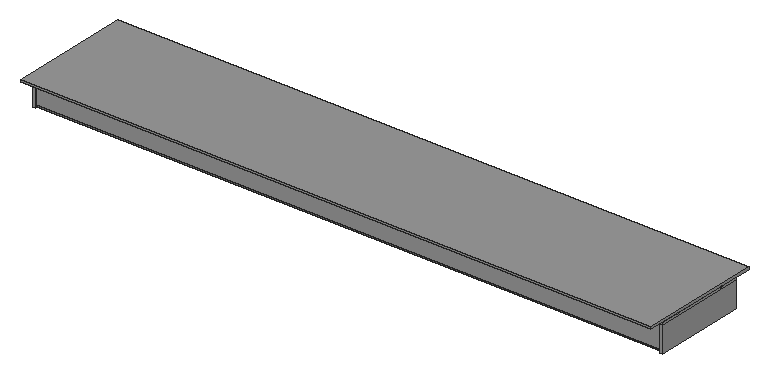
Revit family "Berica 2.2 M", category Lighting Fixtures, Revit 2020 (continued)
Definition of nested family "Light Source Berica 2.2"
  Types (4, lengths in mm): name | Photometric Web File | built-in parameter 1150142
      00.06 \r\n899.52 900.00 900.11 900.53 901.54 902.62 903.97 905.58 \r\n906.87 908.10 909.28 908.79 905.74 900.23 889.93 874.04 \r\n847.67 810.54 745.37 667.01 559.75 432.51 318.59 195.14 \r\n128.72 88.68 72.53 63.17 56.19 49.81 44.98 40.52 37.02 \r\n33.59 30.80 28.17 25.56 23.05 20.24 17.64 14.84 12.20 \r\n9.21 6.01 3.26 1.02 0.17 0.14 0.13 0.12 0.12 0.11 0.11 \r\n0.11 0.10 0.10 0.10 0.09 0.09 0.09 0.09 0.09 0.08 0.08 \r\n0.08 0.08 0.08 0.08 0.07 0.07 0.07 0.07 0.07 0.07 0.07 \r\n0.07 0.07 0.07 0.07 0.07 0.07 0.08 0.08 0.08 0.08 0.08 \r\n0.08 0.09 0.09 0.09 0.09 0.09 0.10 0.10 0.10 0.11 0.11 \r\n0.11 0.12 0.12 0.13 0.14 0.17 1.02 3.26 6.01 9.21 12.20 \r\n14.84 17.64 20.24 23.05 25.56 28.17 30.80 33.59 37.02 \r\n40.52 44.98 49.81 56.19 63.17 72.53 88.68 128.72 195.14 \r\n318.59 432.51 559.75 667.01 745.37 810.54 847.67 874.04 \r\n889.93 900.23 905.74 908.79 909.28 908.10 906.87 905.58 \r\n903.97 902.62 901.54 900.53 900.11 900.00 899.52 900.06 \r\n900.24 900.72 901.87 903.23 905.51 908.38 912.39 918.44 \r\n923.05 926.12 927.93 930.18 931.29 932.74 933.48 \r\n933.48 933.08 931.47 929.77 928.36 925.71 922.03 917.02 \r\n911.70 908.23 906.51 904.78 903.82 903.56 903.13 903.48 \r\n904.10 904.92 906.03 907.60 909.69 911.82 913.99 916.28 \r\n918.34 919.40 919.11 917.13 910.57 899.43 880.70 849.77 \r\n800.91 726.76 635.48 508.04 375.18 240.83 151.38 99.97 \r\n78.47 66.89 59.45 52.92 47.06 42.35 38.46 35.26 32.28 \r\n29.62 26.95 24.31 21.64 19.25 16.46 13.81 10.99 8.26 4.68 \r\n2.80 0.49 0.14 0.12 0.11 0.11 0.10 0.10 0.10 0.09 0.09 \r\n0.09 0.09 0.09 0.09 0.08 0.08 0.08 0.08 0.08 0.08 0.08 \r\n0.08 0.08 0.08 0.08 0.08 0.08 0.08 0.08 0.08 0.08 0.08 \r\n0.08 0.08 0.08 0.08 0.08 0.08 0.08 0.08 0.08 0.08 0.08 \r\n0.08 0.08 0.08 0.08 0.09 0.09 0.09 0.09 0.09 0.09 0.10 \r\n0.10 0.10 0.11 0.11 0.12 0.14 0.49 2.80 4.68 8.26 10.99 \r\n13.81 16.46 19.25 21.64 24.31 26.95 29.62 32.28 35.26 \r\n38.46 42.35 47.06 52.92 59.45 66.89 78.47 99.97 151.38 \r\n240.83 375.18 508.04 635.48 726.76 800.91 849.77 880.70 \r\n899.43 910.57 917.13 919.11 919.40 918.34 916.28 913.99 \r\n911.82 909.69 907.60 906.03 904.92 904.10 903.48 903.13 \r\n903.56 903.82 904.78 906.51 908.23 911.70 917.02 922.03 \r\n925.71 928.36 929.77 931.47 933.08 933.48 \r\n933.48 932.92 931.35 930.24 928.32 925.18 921.17 915.27 \r\n910.26 908.41 906.79 905.85 905.32 905.35 905.63 906.84 \r\n908.13 909.33 911.41 913.93 916.30 919.15 922.23 924.98 \r\n927.51 927.74 925.58 920.70 909.38 889.73 855.07 804.39 \r\n726.54 613.31 486.74 338.87 220.65 133.46 90.88 74.36 \r\n65.09 57.78 51.36 45.76 41.37 37.56 34.17 31.53 28.86 \r\n26.26 23.76 21.14 18.66 15.98 13.14 10.60 7.60 4.43 2.57 \r\n0.29 0.13 0.10 0.10 0.09 0.09 0.09 0.09 0.09 0.09 0.08 \r\n0.08 0.08 0.08 0.08 0.08 0.08 0.08 0.09 0.09 0.09 0.09 \r\n0.09 0.09 0.09 0.09 0.09 0.09 0.09 0.10 0.10 0.10 0.10 \r\n0.10 0.09 0.09 0.09 0.09 0.09 0.09 0.09 0.09 0.09 0.09 \r\n0.09 0.08 0.08 0.08 0.08 0.08 0.08 0.08 0.08 0.09 0.09 \r\n0.09 0.09 0.09 0.09 0.10 0.10 0.13 0.29 2.57 4.43 7.60 \r\n10.60 13.14 15.98 18.66 21.14 23.76 26.26 28.86 31.53 \r\n34.17 37.56 41.37 45.76 51.36 57.78 65.09 74.36 90.88 \r\n133.46 220.65 338.87 486.74 613.31 726.54 804.39 855.07 \r\n889.73 909.38 920.70 925.58 927.74 927.51 924.98 922.23 \r\n919.15 916.30 913.93 911.41 909.33 908.13 906.84 905.63 \r\n905.35 905.32 905.85 906.79 908.41 910.26 915.27 921.17 \r\n925.18 928.32 930.24 931.35 932.92 933.48 \r\n933.48 932.69 931.28 929.64 927.94 924.52 920.25 914.64 \r\n910.10 908.72 907.57 906.63 906.69 906.80 907.28 909.05 \r\n910.88 912.87 915.63 919.01 922.05 925.64 928.77 931.96 \r\n933.56 932.79 928.83 918.70 899.69 868.48 819.91 739.35 \r\n630.68 503.64 348.21 221.21 132.09 92.72 72.89 64.78 \r\n57.55 51.11 45.66 41.05 37.25 34.14 31.41 28.69 26.33 \r\n23.74 21.22 18.66 16.20 13.23 10.61 7.78 4.63 2.77 0.54 \r\n0.12 0.10 0.09 0.08 0.08 0.08 0.08 0.08 0.08 0.08 0.08 \r\n0.08 0.09 0.09 0.09 0.09 0.10 0.10 0.11 0.11 0.11 0.12 \r\n0.12 0.13 0.13 0.14 0.14 0.15 0.15 0.15 0.15 0.15 0.15 \r\n0.15 0.15 0.15 0.14 0.14 0.13 0.13 0.12 0.12 0.11 0.11 \r\n0.11 0.10 0.10 0.09 0.09 0.09 0.09 0.08 0.08 0.08 0.08 \r\n0.08 0.08 0.08 0.08 0.08 0.09 0.10 0.12 0.54 2.77 4.63 \r\n7.78 10.61 13.23 16.20 18.66 21.22 23.74 26.33 28.69 \r\n31.41 34.14 37.25 41.05 45.66 51.11 57.55 64.78 72.89 \r\n92.72 132.09 221.21 348.21 503.64 630.68 739.35 819.91 \r\n868.48 899.69 918.70 928.83 932.79 933.56 931.96 928.77 \r\n925.64 922.05 919.01 915.63 912.87 910.88 909.05 907.28 \r\n906.80 906.69 906.63 907.57 908.72 910.10 914.64 920.25 \r\n924.52 927.94 929.64 931.28 932.69 933.48 \r\n933.48 932.80 931.18 930.07 927.72 925.06 919.62 914.16 \r\n910.35 909.26 908.16 907.56 907.30 907.83 909.25 911.05 \r\n913.35 916.22 919.37 923.41 926.88 931.33 934.66 937.39 \r\n937.94 935.65 928.98 912.80 887.56 845.39 774.49 677.51 \r\n542.60 401.85 253.06 155.47 98.08 77.14 66.42 59.26 52.43 \r\n46.42 42.15 37.71 34.72 31.68 29.18 26.64 24.38 21.66 \r\n19.30 16.63 14.03 11.29 8.51 5.23 3.29 1.26 0.12 0.10 \r\n0.08 0.08 0.08 0.08 0.08 0.08 0.08 0.08 0.08 0.09 0.09 \r\n0.10 0.10 0.11 0.12 0.13 0.14 0.15 0.17 0.18 0.19 0.21 \r\n0.22 0.23 0.24 0.26 0.26 0.27 0.28 0.28 0.28 0.28 0.28 \r\n0.27 0.26 0.26 0.24 0.23 0.22 0.21 0.19 0.18 0.17 0.15 \r\n0.14 0.13 0.12 0.11 0.10 0.10 0.09 0.09 0.08 0.08 0.08 \r\n0.08 0.08 0.08 0.08 0.08 0.08 0.10 0.12 1.26 3.29 5.23 \r\n8.51 11.29 14.03 16.63 19.30 21.66 24.38 26.64 29.18 \r\n31.68 34.72 37.71 42.15 46.42 52.43 59.26 66.42 77.14 \r\n98.08 155.47 253.06 401.85 542.60 677.51 774.49 845.39 \r\n887.56 912.80 928.98 935.65 937.94 937.39 934.66 931.33 \r\n926.88 923.41 919.37 916.22 913.35 911.05 909.25 907.83 \r\n907.30 907.56 908.16 909.26 910.35 914.16 919.62 925.06 \r\n927.72 930.07 931.18 932.80 933.48 \r\n933.48 932.76 931.23 929.79 927.71 923.93 918.78 913.42 \r\n910.26 909.38 908.50 908.33 908.62 909.16 909.97 912.33 \r\n915.02 918.13 921.34 925.71 929.83 934.55 938.12 940.67 \r\n940.61 936.77 928.16 907.69 876.25 820.38 732.48 624.07 \r\n470.52 327.51 198.06 120.34 83.61 70.23 61.96 55.50 48.65 \r\n43.56 39.57 35.76 32.72 30.11 27.65 25.16 22.79 20.18 \r\n18.02 15.11 12.49 9.95 6.92 4.05 2.61 0.25 0.12 0.10 0.09 \r\n0.09 0.09 0.09 0.09 0.09 0.09 0.10 0.10 0.11 0.12 0.13 \r\n0.14 0.16 0.17 0.19 0.21 0.23 0.25 0.27 0.28 0.30 0.32 \r\n0.33 0.34 0.35 0.36 0.36 0.36 0.37 0.37 0.37 0.36 0.36 \r\n0.36 0.35 0.34 0.33 0.32 0.30 0.28 0.27 0.25 0.23 0.21 \r\n0.19 0.17 0.16 0.14 0.13 0.12 0.11 0.10 0.10 0.09 0.09 \r\n0.09 0.09 0.09 0.09 0.09 0.10 0.12 0.25 2.61 4.05 6.92 \r\n9.95 12.49 15.11 18.02 20.18 22.79 25.16 27.65 30.11 \r\n32.72 35.76 39.57 43.56 48.65 55.50 61.96 70.23 83.61 \r\n120.34 198.06 327.51 470.52 624.07 732.48 820.38 876.25 \r\n907.69 928.16 936.77 940.61 940.67 938.12 934.55 929.83 \r\n925.71 921.34 918.13 915.02 912.33 909.97 909.16 908.62 \r\n908.33 908.50 909.38 910.26 913.42 918.78 923.93 927.71 \r\n929.79 931.23 932.76 933.48 \r\n933.48 932.76 931.18 930.04 927.61 924.02 919.09 912.97 \r\n910.24 909.20 908.72 908.25 908.70 909.61 910.93 913.27 \r\n915.71 918.52 922.44 926.75 930.83 935.43 939.62 941.72 \r\n941.38 937.26 925.91 905.51 867.06 806.10 708.84 581.68 \r\n430.96 280.67 168.78 105.68 79.46 67.26 59.57 53.08 46.86 \r\n41.78 37.80 34.39 31.61 29.10 26.71 24.30 21.86 19.40 \r\n16.99 14.34 11.81 9.10 5.95 3.62 1.85 0.16 0.12 0.11 0.10 \r\n0.10 0.10 0.10 0.10 0.10 0.11 0.11 0.12 0.13 0.14 0.16 \r\n0.19 0.21 0.24 0.26 0.27 0.29 0.31 0.32 0.34 0.35 0.36 \r\n0.37 0.37 0.37 0.37 0.37 0.37 0.37 0.37 0.37 0.37 0.37 \r\n0.37 0.37 0.37 0.37 0.36 0.35 0.34 0.32 0.31 0.29 0.27 \r\n0.26 0.24 0.21 0.19 0.16 0.14 0.13 0.12 0.11 0.11 0.10 \r\n0.10 0.10 0.10 0.10 0.10 0.11 0.12 0.16 1.85 3.62 5.95 \r\n9.10 11.81 14.34 16.99 19.40 21.86 24.30 26.71 29.10 \r\n31.61 34.39 37.80 41.78 46.86 53.08 59.57 67.26 79.46 \r\n105.68 168.78 280.67 430.96 581.68 708.84 806.10 867.06 \r\n905.51 925.91 937.26 941.38 941.72 939.62 935.43 930.83 \r\n926.75 922.44 918.52 915.71 913.27 910.93 909.61 908.70 \r\n908.25 908.72 909.20 910.24 912.97 919.09 924.02 927.61 \r\n930.04 931.18 932.76 933.48 \r\n933.48 932.64 930.86 929.30 927.38 923.60 917.81 912.12 \r\n910.39 909.69 909.48 909.92 909.94 911.52 913.05 916.41 \r\n918.54 921.87 925.83 929.86 934.63 939.63 943.04 944.63 \r\n943.38 936.95 922.51 897.50 850.71 775.15 661.13 527.87 \r\n359.19 237.57 133.41 91.35 72.98 63.71 56.49 50.66 44.89 \r\n40.24 36.36 33.23 30.83 27.91 25.79 23.32 20.86 18.40 \r\n16.04 13.32 10.84 7.61 4.76 3.09 0.57 0.16 0.14 0.13 0.13 \r\n0.13 0.14 0.14 0.14 0.15 0.16 0.17 0.18 0.21 0.25 0.29 \r\n0.33 0.37 0.39 0.40 0.40 0.41 0.41 0.42 0.42 0.43 0.43 \r\n0.42 0.42 0.41 0.40 0.40 0.39 0.39 0.39 0.39 0.39 0.40 \r\n0.40 0.41 0.42 0.42 0.43 0.43 0.42 0.42 0.41 0.41 0.40 \r\n0.40 0.39 0.37 0.33 0.29 0.25 0.21 0.18 0.17 0.16 0.15 \r\n0.14 0.14 0.14 0.13 0.13 0.13 0.14 0.16 0.57 3.09 4.76 \r\n7.61 10.84 13.32 16.04 18.40 20.86 23.32 25.79 27.91 \r\n30.83 33.23 36.36 40.24 44.89 50.66 56.49 63.71 72.98 \r\n91.35 133.41 237.57 359.19 527.87 661.13 775.15 850.71 \r\n897.50 922.51 936.95 943.38 944.63 943.04 939.63 934.63 \r\n929.86 925.83 921.87 918.54 916.41 913.05 911.52 909.94 \r\n909.92 909.48 909.69 910.39 912.12 917.81 923.60 927.38 \r\n929.30 930.86 932.64 933.48 \r\n933.48 932.76 931.18 930.04 927.61 924.02 919.09 912.97 \r\n910.24 909.20 908.72 908.25 908.70 909.61 910.93 913.27 \r\n915.71 918.52 922.44 926.75 930.83 935.43 939.62 941.72 \r\n941.38 937.26 925.91 905.51 867.06 806.10 708.84 581.68 \r\n430.96 280.67 168.78 105.68 79.46 67.26 59.57 53.08 46.86 \r\n41.78 37.80 34.39 31.61 29.10 26.71 24.30 21.86 19.40 \r\n16.99 14.34 11.81 9.10 5.95 3.62 1.85 0.16 0.12 0.11 0.10 \r\n0.10 0.10 0.10 0.10 0.10 0.11 0.11 0.12 0.13 0.14 0.16 \r\n0.19 0.21 0.24 0.26 0.27 0.29 0.31 0.32 0.34 0.35 0.36 \r\n0.37 0.37 0.37 0.37 0.37 0.37 0.37 0.37 0.37 0.37 0.37 \r\n0.37 0.37 0.37 0.37 0.36 0.35 0.34 0.32 0.31 0.29 0.27 \r\n0.26 0.24 0.21 0.19 0.16 0.14 0.13 0.12 0.11 0.11 0.10 \r\n0.10 0.10 0.10 0.10 0.10 0.11 0.12 0.16 1.85 3.62 5.95 \r\n9.10 11.81 14.34 16.99 19.40 21.86 24.30 26.71 29.10 \r\n31.61 34.39 37.80 41.78 46.86 53.08 59.57 67.26 79.46 \r\n105.68 168.78 280.67 430.96 581.68 708.84 806.10 867.06 \r\n905.51 925.91 937.26 941.38 941.72 939.62 935.43 930.83 \r\n926.75 922.44 918.52 915.71 913.27 910.93 909.61 908.70 \r\n908.25 908.72 909.20 910.24 912.97 919.09 924.02 927.61 \r\n930.04 931.18 932.76 933.48 \r\n933.48 932.76 931.23 929.79 927.71 923.93 918.78 913.42 \r\n910.26 909.38 908.50 908.33 908.62 909.16 909.97 912.33 \r\n915.02 918.13 921.34 925.71 929.83 934.55 938.12 940.67 \r\n940.61 936.77 928.16 907.69 876.25 820.38 732.48 624.07 \r\n470.52 327.51 198.06 120.34 83.61 70.23 61.96 55.50 48.65 \r\n43.56 39.57 35.76 32.72 30.11 27.65 25.16 22.79 20.18 \r\n18.02 15.11 12.49 9.95 6.92 4.05 2.61 0.25 0.12 0.10 0.09 \r\n0.09 0.09 0.09 0.09 0.09 0.09 0.10 0.10 0.11 0.12 0.13 \r\n0.14 0.16 0.17 0.19 0.21 0.23 0.25 0.27 0.28 0.30 0.32 \r\n0.33 0.34 0.35 0.36 0.36 0.36 0.37 0.37 0.37 0.36 0.36 \r\n0.36 0.35 0.34 0.33 0.32 0.30 0.28 0.27 0.25 0.23 0.21 \r\n0.19 0.17 0.16 0.14 0.13 0.12 0.11 0.10 0.10 0.09 0.09 \r\n0.09 0.09 0.09 0.09 0.09 0.10 0.12 0.25 2.61 4.05 6.92 \r\n9.95 12.49 15.11 18.02 20.18 22.79 25.16 27.65 30.11 \r\n32.72 35.76 39.57 43.56 48.65 55.50 61.96 70.23 83.61 \r\n120.34 198.06 327.51 470.52 624.07 732.48 820.38 876.25 \r\n907.69 928.16 936.77 940.61 940.67 938.12 934.55 929.83 \r\n925.71 921.34 918.13 915.02 912.33 909.97 909.16 908.62 \r\n908.33 908.50 909.38 910.26 913.42 918.78 923.93 927.71 \r\n929.79 931.23 932.76 933.48 \r\n933.48 932.80 931.18 930.07 927.72 925.06 919.62 914.16 \r\n910.35 909.26 908.16 907.56 907.30 907.83 909.25 911.05 \r\n913.35 916.22 919.37 923.41 926.88 931.33 934.66 937.39 \r\n937.94 935.65 928.98 912.80 887.56 845.39 774.49 677.51 \r\n542.60 401.85 253.06 155.47 98.08 77.14 66.42 59.26 52.43 \r\n46.42 42.15 37.71 34.72 31.68 29.18 26.64 24.38 21.66 \r\n19.30 16.63 14.03 11.29 8.51 5.23 3.29 1.26 0.12 0.10 \r\n0.08 0.08 0.08 0.08 0.08 0.08 0.08 0.08 0.08 0.09 0.09 \r\n0.10 0.10 0.11 0.12 0.13 0.14 0.15 0.17 0.18 0.19 0.21 \r\n0.22 0.23 0.24 0.26 0.26 0.27 0.28 0.28 0.28 0.28 0.28 \r\n0.27 0.26 0.26 0.24 0.23 0.22 0.21 0.19 0.18 0.17 0.15 \r\n0.14 0.13 0.12 0.11 0.10 0.10 0.09 0.09 0.08 0.08 0.08 \r\n0.08 0.08 0.08 0.08 0.08 0.08 0.10 0.12 1.26 3.29 5.23 \r\n8.51 11.29 14.03 16.63 19.30 21.66 24.38 26.64 29.18 \r\n31.68 34.72 37.71 42.15 46.42 52.43 59.26 66.42 77.14 \r\n98.08 155.47 253.06 401.85 542.60 677.51 774.49 845.39 \r\n887.56 912.80 928.98 935.65 937.94 937.39 934.66 931.33 \r\n926.88 923.41 919.37 916.22 913.35 911.05 909.25 907.83 \r\n907.30 907.56 908.16 909.26 910.35 914.16 919.62 925.06 \r\n927.72 930.07 931.18 932.80 933.48 \r\n933.48 932.69 931.28 929.64 927.94 924.52 920.25 914.64 \r\n910.10 908.72 907.57 906.63 906.69 906.80 907.28 909.05 \r\n910.88 912.87 915.63 919.01 922.05 925.64 928.77 931.96 \r\n933.56 932.79 928.83 918.70 899.69 868.48 819.91 739.35 \r\n630.68 503.64 348.21 221.21 132.09 92.72 72.89 64.78 \r\n57.55 51.11 45.66 41.05 37.25 34.14 31.41 28.69 26.33 \r\n23.74 21.22 18.66 16.20 13.23 10.61 7.78 4.63 2.77 0.54 \r\n0.12 0.10 0.09 0.08 0.08 0.08 0.08 0.08 0.08 0.08 0.08 \r\n0.08 0.09 0.09 0.09 0.09 0.10 0.10 0.11 0.11 0.11 0.12 \r\n0.12 0.13 0.13 0.14 0.14 0.15 0.15 0.15 0.15 0.15 0.15 \r\n0.15 0.15 0.15 0.14 0.14 0.13 0.13 0.12 0.12 0.11 0.11 \r\n0.11 0.10 0.10 0.09 0.09 0.09 0.09 0.08 0.08 0.08 0.08 \r\n0.08 0.08 0.08 0.08 0.08 0.09 0.10 0.12 0.54 2.77 4.63 \r\n7.78 10.61 13.23 16.20 18.66 21.22 23.74 26.33 28.69 \r\n31.41 34.14 37.25 41.05 45.66 51.11 57.55 64.78 72.89 \r\n92.72 132.09 221.21 348.21 503.64 630.68 739.35 819.91 \r\n868.48 899.69 918.70 928.83 932.79 933.56 931.96 928.77 \r\n925.64 922.05 919.01 915.63 912.87 910.88 909.05 907.28 \r\n906.80 906.69 906.63 907.57 908.72 910.10 914.64 920.25 \r\n924.52 927.94 929.64 931.28 932.69 933.48 \r\n933.48 932.92 931.35 930.24 928.32 925.18 921.17 915.27 \r\n910.26 908.41 906.79 905.85 905.32 905.35 905.63 906.84 \r\n908.13 909.33 911.41 913.93 916.30 919.15 922.23 924.98 \r\n927.51 927.74 925.58 920.70 909.38 889.73 855.07 804.39 \r\n726.54 613.31 486.74 338.87 220.65 133.46 90.88 74.36 \r\n65.09 57.78 51.36 45.76 41.37 37.56 34.17 31.53 28.86 \r\n26.26 23.76 21.14 18.66 15.98 13.14 10.60 7.60 4.43 2.57 \r\n0.29 0.13 0.10 0.10 0.09 0.09 0.09 0.09 0.09 0.09 0.08 \r\n0.08 0.08 0.08 0.08 0.08 0.08 0.08 0.09 0.09 0.09 0.09 \r\n0.09 0.09 0.09 0.09 0.09 0.09 0.09 0.10 0.10 0.10 0.10 \r\n0.10 0.09 0.09 0.09 0.09 0.09 0.09 0.09 0.09 0.09 0.09 \r\n0.09 0.08 0.08 0.08 0.08 0.08 0.08 0.08 0.08 0.09 0.09 \r\n0.09 0.09 0.09 0.09 0.10 0.10 0.13 0.29 2.57 4.43 7.60 \r\n10.60 13.14 15.98 18.66 21.14 23.76 26.26 28.86 31.53 \r\n34.17 37.56 41.37 45.76 51.36 57.78 65.09 74.36 90.88 \r\n133.46 220.65 338.87 486.74 613.31 726.54 804.39 855.07 \r\n889.73 909.38 920.70 925.58 927.74 927.51 924.98 922.23 \r\n919.15 916.30 913.93 911.41 909.33 908.13 906.84 905.63 \r\n905.35 905.32 905.85 906.79 908.41 910.26 915.27 921.17 \r\n925.18 928.32 930.24 931.35 932.92 933.48 \r\n933.48 933.08 931.47 929.77 928.36 925.71 922.03 917.02 \r\n911.70 908.23 906.51 904.78 903.82 903.56 903.13 903.48 \r\n904.10 904.92 906.03 907.60 909.69 911.82 913.99 916.28 \r\n918.34 919.40 919.11 917.13 910.57 899.43 880.70 849.77 \r\n800.91 726.76 635.48 508.04 375.18 240.83 151.38 99.97 \r\n78.47 66.89 59.45 52.92 47.06 42.35 38.46 35.26 32.28 \r\n29.62 26.95 24.31 21.64 19.25 16.46 13.81 10.99 8.26 4.68 \r\n2.80 0.49 0.14 0.12 0.11 0.11 0.10 0.10 0.10 0.09 0.09 \r\n0.09 0.09 0.09 0.09 0.08 0.08 0.08 0.08 0.08 0.08 0.08 \r\n0.08 0.08 0.08 0.08 0.08 0.08 0.08 0.08 0.08 0.08 0.08 \r\n0.08 0.08 0.08 0.08 0.08 0.08 0.08 0.08 0.08 0.08 0.08 \r\n0.08 0.08 0.08 0.08 0.09 0.09 0.09 0.09 0.09 0.09 0.10 \r\n0.10 0.10 0.11 0.11 0.12 0.14 0.49 2.80 4.68 8.26 10.99 \r\n13.81 16.46 19.25 21.64 24.31 26.95 29.62 32.28 35.26 \r\n38.46 42.35 47.06 52.92 59.45 66.89 78.47 99.97 151.38 \r\n240.83 375.18 508.04 635.48 726.76 800.91 849.77 880.70 \r\n899.43 910.57 917.13 919.11 919.40 918.34 916.28 913.99 \r\n911.82 909.69 907.60 906.03 904.92 904.10 903.48 903.13 \r\n903.56 903.82 904.78 906.51 908.23 911.70 917.02 922.03 \r\n925.71 928.36 929.77 931.47 933.08 933.48 \r\n933.48 932.74 931.29 930.18 927.93 926.12 923.05 918.44 \r\n912.39 908.38 905.51 903.23 901.87 900.72 900.24 900.06 \r\n899.52 900.00 900.11 900.53 901.54 902.62 903.97 905.58 \r\n906.87 908.10 909.28 908.79 905.74 900.23 889.93 874.04 \r\n847.67 810.54 745.37 667.01 559.75 432.51 318.59 195.14 \r\n128.72 88.68 7
